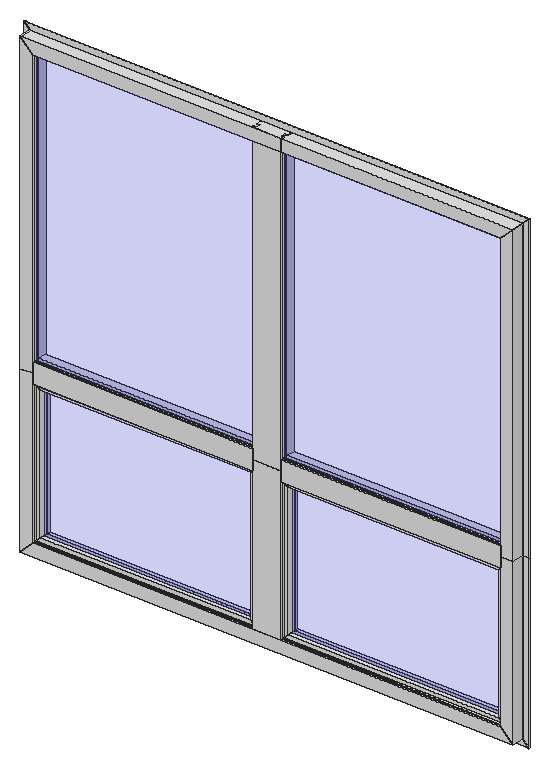
Revit family "511_2H_AWN-UT_stucco key", category Windows, host Wall, Revit 2016
Family settings
  Host = Wall
  OmniClass Number = 23.30.20.00
  OmniClass Title = Windows
  Always vertical = Yes
  Cut with Voids When Loaded = No
  Shared = No
  Room Calculation Point = No
Parameters (values of type "96x90")
  VBS = 1 / 2 * Width  # 48"
  MLWE = 3.219"
  MLWC = 3.563"
  MLW = 1 / 8 * VBS  # 6"
  MLCR = 1 / 2 * (Width - VBS)  # 24"
  MLCL = 1 / 2 * VBS  # 24"
  Interior Color [instance] = White
  Height = 90"
  HBS = 32"
  Exterior Color [instance] = White
  Default Sill Height = 31.49606"
  Wall Closure = By host
  Width = 96"
Reference planes (in)
  plane 1 "Center (Front/Back)": y = 0
  plane 2 "Center (Left/Right)": x = 0
  plane 3 "Left": x = -48
  plane 4 "Right": x = 48
  plane 5 "Sill": z = 31.49606
  plane 6 "Head": z = 121.49606
  plane 7 "Exterior": y = 3.93701
  plane 8 "Interior": y = -3.93701
  plane 9 "Front of wall": y = 3.93701
  plane 10 "VBS": x = 0
  plane 11 "HBS": z = 63.49606
  plane 12: z = 34.27606
  plane 13: z = 61.15306
  plane 14: z = 65.12006
  plane 15: z = 119.43506
  plane 16: x = -45.938
  plane 17: x = -2.44208
  plane 18: x = 2.436
  plane 19: x = 45.93292
  plane 20: x = 45.22
  plane 21: x = 3.1245
  plane 22: x = -3.1235
  plane 23: x = -45.22
  plane 24: z = 60.71501
  plane 25: z = 34.71506
Forms (in)
  Extrusion 1, solid, material "White" <- "Interior Color"
    sketch origin (0, 0, 63.49606) x (1, 0, 0) y (0, 1, 0)
      loop
        line (-45.625, 1.51202) -> (-45.625, 1.88702) -> (-45.437, 1.88702) -> (-45.437, 2.13752) -> (-45.938, 2.13752) -> (-45.938, 2.88202) -> (-45.43367, 2.88202) -> (-45.43367, 4.41639) -> (-47.34812, 4.41639) -> (-47.43183, 5.01201) -> (-48.20002, 5.01201) -> (-48.20002, 4.94701) -> (-48, 4.94701) -> (-48, 4.012) -> (-49.25002, 4.012) -> (-49.25002, 3.93701) -> (-48, 3.93701) -> (-48, 1.51202) -> (-45.625, 1.51202)
    from 0 to 59.25
  Extrusion 2, solid, material "White" <- "Interior Color"
    sketch origin (0, 0, 63.49606) x (1, 0, 0) y (0, 1, 0)
      loop
        line (-2.75, 1.51204) -> (2.75, 1.51204) -> (2.75, 1.88706) -> (2.938, 1.88706) -> (2.93605, 2.13144) -> (2.436, 2.13144) -> (2.436, 2.88004) -> (2.93935, 2.88004) -> (2.93935, 4.41501) -> (1.0271, 4.41501) -> (0.94319, 5.01206) -> (-0.94319, 5.01206) -> (-1.0271, 4.41501) -> (-2.94135, 4.41501) -> (-2.94135, 2.88004) -> (-2.44208, 2.88004) -> (-2.44208, 2.13144) -> (-2.938, 2.13144) -> (-2.938, 1.88705) -> (-2.75, 1.88705) -> (-2.75, 1.51204)
    from 0 to 58
  Extrusion 3, solid, material "White" <- "Interior Color"
    sketch origin (0, 0, 63.49606) x (1, 0, 0) y (0, 1, 0)
      loop
        line (45.625, 1.51206) -> (48, 1.51206) -> (48, 3.93701) -> (49.25, 3.93701) -> (49.25, 4.01206) -> (48, 4.01206) -> (48, 4.94706) -> (48.2, 4.94706) -> (48.2, 5.01206) -> (47.43181, 5.01206) -> (47.3481, 4.41644) -> (45.43365, 4.41644) -> (45.43365, 2.88004) -> (45.93292, 2.88004) -> (45.93292, 2.13144) -> (45.437, 2.13144) -> (45.437, 1.88706) -> (45.625, 1.88706) -> (45.625, 1.51206)
    from 0 to 59.25
  Extrusion 4, solid, material "White" <- "Interior Color"
    sketch origin (0, 0, 31.49606) x (0, -1, 0) y (1, 0, 0)
      loop
        line (-1.51084, -45.625) -> (-1.88584, -45.625) -> (-1.88584, -45.437) -> (-2.22084, -45.437) -> (-2.22084, -44.719) -> (-3.10344, -44.719) -> (-3.10344, -45.22) -> (-3.85204, -45.22) -> (-3.85204, -44.7562) -> (-3.89084, -44.781) -> (-4.63085, -44.781) -> (-4.63085, -45.344) -> (-4.67084, -45.344) -> (-4.67084, -47.38403) -> (-5.01084, -47.43181) -> (-5.01084, -48.2) -> (-4.94584, -48.2) -> (-4.94584, -48) -> (-4.01084, -48) -> (-4.01084, -49.25) -> (-3.93701, -49.25) -> (-3.93701, -48) -> (-1.51084, -48) -> (-1.51084, -45.625)
    from -1.25 to 32
  Extrusion 5, solid, material "White" <- "Interior Color"
    sketch origin (0, 0, 31.49606) x (0, -1, 0) y (1, 0, 0)
      loop
        line (-1.51084, -2.75) -> (-1.51084, 2.75) -> (-1.88504, 2.75) -> (-1.88504, 2.938) -> (-2.14084, 2.938) -> (-2.14084, 3.6245) -> (-3.10754, 3.6245) -> (-3.10754, 3.1245) -> (-3.85204, 3.1245) -> (-3.85204, 3.5868) -> (-3.89004, 3.5625) -> (-4.55085, 3.5625) -> (-4.55085, 3.02713) -> (-4.59084, 2.9995) -> (-4.59084, 1.00222) -> (-5.01084, 0.94319) -> (-5.01084, -0.94319) -> (-4.67004, -0.99108) -> (-4.67004, -3.0012) -> (-4.63005, -3.0012) -> (-4.63005, -3.5625) -> (-3.89084, -3.5625) -> (-3.85204, -3.5873) -> (-3.85204, -3.1235) -> (-3.10344, -3.1235) -> (-3.10344, -3.656) -> (-2.22084, -3.656) -> (-2.22084, -2.938) -> (-1.88584, -2.938) -> (-1.88584, -2.75) -> (-1.51084, -2.75)
    from 0 to 32
  Extrusion 6, solid, material "White" <- "Interior Color"
    sketch origin (0, 0, 31.49606) x (0, -1, 0) y (1, 0, 0)
      loop
        line (-1.51084, 45.625) -> (-1.51084, 48) -> (-3.93701, 48) -> (-3.93701, 49.25) -> (-4.01084, 49.25) -> (-4.01084, 48) -> (-4.94584, 48) -> (-4.94584, 48.2) -> (-5.01084, 48.2) -> (-5.01084, 47.43181) -> (-4.67084, 47.38403) -> (-4.67084, 45.344) -> (-4.63085, 45.344) -> (-4.63085, 44.781) -> (-3.89084, 44.781) -> (-3.85204, 44.7562) -> (-3.85204, 45.22) -> (-3.10344, 45.22) -> (-3.10344, 44.719) -> (-2.22084, 44.719) -> (-2.22084, 45.437) -> (-1.88584, 45.437) -> (-1.88584, 45.625) -> (-1.51084, 45.625)
    from -1.25 to 32
  Extrusion 7, solid, material "White" <- "Interior Color"
    sketch origin (0, 0, 0) x (0, 0, 1) y (0, 1, 0)
      loop
        line (33.87106, 1.51084) -> (33.87106, 1.88504) -> (34.05906, 1.88504) -> (34.05906, 2.22084) -> (34.77706, 2.22084) -> (34.77706, 3.10344) -> (34.27606, 3.10344) -> (34.27606, 3.85204) -> (34.73936, 3.85204) -> (34.71506, 3.89004) -> (34.71506, 4.63005) -> (34.15206, 4.63005) -> (34.15206, 4.67004) -> (32.11204, 4.67004) -> (32.06425, 5.01004) -> (31.29606, 5.01004) -> (31.29606, 4.94504) -> (31.49606, 4.94504) -> (31.49606, 4.01004) -> (30.24606, 4.01004) -> (30.24606, 3.93701) -> (31.49606, 3.93701) -> (31.49606, 1.51084) -> (33.87106, 1.51084)
    from -49.25 to 49.25
  Extrusion 8, solid, material "White" <- "Interior Color"
    sketch origin (0, 0, 0) x (0, 0, 1) y (0, 1, 0)
      loop
        line (122.74606, 3.93701) -> (122.74606, 4.01004) -> (121.49606, 4.01004) -> (121.49606, 4.94504) -> (121.69606, 4.94504) -> (121.69606, 5.01004) -> (120.92787, 5.01004) -> (120.84396, 4.41299) -> (118.93171, 4.41299) -> (118.93171, 2.88004) -> (119.43506, 2.88004) -> (119.43506, 2.13554) -> (118.93171, 2.13554) -> (118.93171, 1.88504) -> (119.12106, 1.88504) -> (119.12106, 1.51004) -> (121.49606, 1.51004) -> (121.49606, 3.93701) -> (122.74606, 3.93701)
    from -49.25 to 49.25002
  Extrusion 9, solid, material "White" <- "Interior Color"
    sketch origin (0, 0, 0) x (0, 0, 1) y (0, 1, 0)
      loop
        line (65.43306, 1.51004) -> (65.43306, 1.88504) -> (65.62106, 1.88504) -> (65.62106, 2.13144) -> (65.12006, 2.13144) -> (65.12006, 2.88004) -> (65.62428, 2.88004) -> (65.62428, 4.41434) -> (63.70997, 4.41434) -> (63.6375, 4.93004) -> (63.35463, 4.93004) -> (63.31809, 4.67004) -> (61.27806, 4.67004) -> (61.27806, 4.63002) -> (60.71501, 4.63002) -> (60.71501, 3.89001) -> (60.69074, 3.85204) -> (61.15306, 3.85204) -> (61.15306, 3.10754) -> (60.65306, 3.10754) -> (60.65306, 2.22084) -> (61.37106, 2.22084) -> (61.37106, 1.88584) -> (61.55906, 1.88584) -> (61.55906, 1.51004) -> (65.43306, 1.51004)
    from -48 to 48
  Sweep 10, void
    path in 3D
      loop
        line (46.53063, 7.55757, 121.49606) -> (46.53063, 3.93701, 121.49606)
    profile origin (46.53063, 5.74729, 121.49606) x (1, 0, 0) y (0, 0, 1)
      loop
        line (-2.46605, -2.56435) -> (0.81747, -2.56435) -> (0.81747, -0.6521) -> (2.93879, 1.46922) -> (-2.46605, 1.46922) -> (-2.46605, -2.56435)
  Sweep 11, void
    path in 3D
      loop
        line (46.53063, 7.55757, 121.49606) -> (46.53063, 3.93701, 121.49606)
    profile origin (46.53063, 5.74729, 121.49606) x (1, 0, 0) y (0, 0, 1)
      loop
        line (0.81747, -3.31435) -> (3.81747, -3.31435) -> (3.81747, 2.3479) -> (0.81747, -0.6521) -> (0.81747, -3.31435)
  Sweep 12, void
    path in 3D
      loop
        line (-47.03168, 9.56458, 121.49606) -> (-47.03168, 3.93701, 121.49606)
    profile origin (-47.03168, 6.7508, 121.49606) x (1, 0, 0) y (0, 0, 1)
      loop
        line (2.84801, -2.56435) -> (2.84801, 1.57941) -> (-2.54795, 1.57941) -> (-0.31644, -0.6521) -> (-0.31644, -2.56435) -> (2.84801, -2.56435)
  Sweep 13, void
    path in 3D
      loop
        line (-47.03168, 9.56458, 121.49606) -> (-47.03168, 3.93701, 121.49606)
    profile origin (-47.03168, 6.7508, 121.49606) x (1, 0, 0) y (0, 0, 1)
      loop
        line (-3.06644, 2.0979) -> (-3.06644, -3.06647) -> (-0.31644, -3.06647) -> (-0.31644, -0.6521) -> (-3.06644, 2.0979)
  Sweep 14, void
    path in 3D
      loop
        line (-44.66364, 7.16454, 31.49606) -> (-44.66364, 3.93701, 31.49606)
    profile origin (-44.66364, 5.55077, 31.49606) x (1, 0, 0) y (0, 0, 1)
      loop
        line (0.76792, 3.219) -> (-0.68036, 3.219) -> (-0.68036, 2.656) -> (-5.36006, -2.0237) -> (0.76792, -2.0237) -> (0.76792, 3.219)
  Sweep 15, void
    path in 3D
      loop
        line (-44.66364, 7.16454, 31.49606) -> (-44.66364, 3.93701, 31.49606)
    profile origin (-44.66364, 5.55077, 31.49606) x (1, 0, 0) y (0, 0, 1)
      loop
        line (-0.68036, 3.63186) -> (-5.16488, 3.63186) -> (-5.16488, -1.82852) -> (-0.68036, 2.656) -> (-0.68036, 3.63186)
  Sweep 16, void
    path in 3D
      loop
        line (47.34519, 7.36399, 31.49606) -> (47.34519, 3.93701, 31.49606)
    profile origin (47.34519, 5.6505, 31.49606) x (1, 0, 0) y (0, 0, 1)
      loop
        line (-3.08931, 3.219) -> (-3.08931, -2.031) -> (2.68581, -2.031) -> (-2.00119, 2.656) -> (-2.00119, 3.219) -> (-3.08931, 3.219)
  Sweep 17, void
    path in 3D
      loop
        line (47.34519, 7.36399, 31.49606) -> (47.34519, 3.93701, 31.49606)
    profile origin (47.34519, 5.6505, 31.49606) x (1, 0, 0) y (0, 0, 1)
      loop
        line (-2.00119, 4.031) -> (-2.00119, 2.656) -> (2.24145, -1.58664) -> (2.24145, 4.031) -> (-2.00119, 4.031)
  Sweep 18, void
    path in 3D
      loop
        line (46.84519, 7.36399, 63.49606) -> (46.84519, 3.93701, 63.49606)
    profile origin (46.84519, 5.6505, 63.49606) x (1, 0, 0) y (0, 0, 1)
      loop
        line (-3.05797, 2.12821) -> (-3.05797, -2.78105) -> (-1.50119, -2.78105) -> (-1.50119, -2.218) -> (0.58662, -0.13019) -> (0.58662, 0.14143) -> (0.50291, 0.14143) -> (0.50291, 2.12821) -> (-3.05797, 2.12821)
  Sweep 19, void
    path in 3D
      loop
        line (46.84519, 7.36399, 63.49606) -> (46.84519, 3.93701, 63.49606)
    profile origin (46.84519, 5.6505, 63.49606) x (1, 0, 0) y (0, 0, 1)
      loop
        line (-1.50119, -3.4204) -> (3.08662, -3.4204) -> (3.08662, 2.96053) -> (0.58662, 2.96053) -> (0.58662, -0.13019) -> (-1.50119, -2.218) -> (-1.50119, -3.4204)
  Sweep 20, void
    path in 3D
      loop
        line (0.38213, 6.9768, 31.49606) -> (0.38213, 3.93701, 31.49606)
    profile origin (0.38213, 5.4569, 31.49606) x (1, 0, 0) y (0, 0, 1)
      loop
        line (4.99237, 3.219) -> (2.645, 3.219) -> (2.645, 2.656) -> (0.56106, 0.57206) -> (-1.32532, 0.57206) -> (-3.38333, 2.63007) -> (-3.38333, 3.219) -> (-4.86942, 3.219) -> (-4.86942, -2.031) -> (4.99237, -2.031) -> (4.99237, 3.219)
  Sweep 21, void
    path in 3D
      loop
        line (0.38213, 6.9768, 31.49606) -> (0.38213, 3.93701, 31.49606)
    profile origin (0.38213, 5.4569, 31.49606) x (1, 0, 0) y (0, 0, 1)
      loop
        line (2.61737, 3.87959) -> (-3.38333, 3.87959) -> (-3.38333, 2.63007) -> (-1.32145, 0.56819) -> (0.55719, 0.56819) -> (2.61737, 2.62837) -> (2.61737, 3.87959)
  Sweep 22, void
    path in 3D
      loop
        line (-0.75513, 7.21877, 63.49606) -> (-0.75513, 3.93701, 63.49606)
    profile origin (-0.75513, 5.57789, 63.49606) x (1, 0, 0) y (0, 0, 1)
      loop
        line (-5.18622, 2.12821) -> (-5.18622, -2.78105) -> (-2.24607, -2.78105) -> (-2.24607, -2.218) -> (-0.18806, -0.15998) -> (-0.18806, 0.0619) -> (-0.27197, 0.14581) -> (-0.27197, 2.12821) -> (-5.18622, 2.12821)
  Sweep 23, void
    path in 3D
      loop
        line (-0.75513, 7.21877, 63.49606) -> (-0.75513, 3.93701, 63.49606)
    profile origin (-0.75513, 5.57789, 63.49606) x (1, 0, 0) y (0, 0, 1)
      loop
        line (3.75463, -4.718) -> (3.75463, -2.218) -> (1.69832, -0.16169) -> (-0.18976, -0.16169) -> (-2.24607, -2.218) -> (-2.24607, -4.718) -> (3.75463, -4.718)
  Sweep 24, void
    path in 3D
      loop
        line (-0.75513, 7.21877, 63.49606) -> (-0.75513, 3.93701, 63.49606)
    profile origin (-0.75513, 5.57789, 63.49606) x (1, 0, 0) y (0, 0, 1)
      loop
        line (5.25463, 2.12821) -> (1.78223, 2.12821) -> (1.78223, 0.14143) -> (1.69832, 0.14143) -> (1.69832, -0.16169) -> (3.75463, -2.218) -> (3.75463, -2.78105) -> (5.25463, -2.78105) -> (5.25463, 2.12821)
  Sweep 25, void
    path in 3D
      loop
        line (-46.39167, 8.63657, 63.49606) -> (-46.39167, 3.93701, 63.49606)
    profile origin (-46.39167, 6.28679, 63.49606) x (1, 0, 0) y (0, 0, 1)
      loop
        line (2.27791, -2.78105) -> (2.27791, 2.12821) -> (-0.95645, 2.12821) -> (-0.95645, 0.22409) -> (-1.04014, 0.1404) -> (-1.04014, -0.13019) -> (1.04767, -2.218) -> (1.04767, -2.78105) -> (2.27791, -2.78105)
  Sweep 26, void
    path in 3D
      loop
        line (-46.39167, 8.63657, 63.49606) -> (-46.39167, 3.93701, 63.49606)
    profile origin (-46.39167, 6.28679, 63.49606) x (1, 0, 0) y (0, 0, 1)
      loop
        line (1.04767, -4.343) -> (1.04767, -2.218) -> (-0.99236, -0.17797) -> (-0.99236, -4.343) -> (1.04767, -4.343)
  Sweep 27, void
    path in 3D
      loop
        line (-1.14228, 7.60592, 121.49606) -> (-1.14228, 3.93701, 121.49606)
    profile origin (-1.14228, 5.77147, 121.49606) x (1, 0, 0) y (0, 0, 1)
      loop
        line (-4.79907, -2.56435) -> (0.11518, -2.56435) -> (0.11518, -0.6521) -> (0.19909, -0.56819) -> (2.08547, -0.56819) -> (2.16938, -0.6521) -> (2.16938, -2.56435) -> (6.99169, -2.56435) -> (6.99169, 1.84322) -> (-4.79907, 1.84322) -> (-4.79907, -2.56435)
  Extrusion 28, void
    sketch origin (0, 3.93701, 0) x (1, 0, 0) y (0, 0, 1)
      loop
        line (-51.49016, 124.986) -> (-51.49016, 117.60675) -> (-45.625, 117.60675) -> (-45.625, 119.12084) -> (-51.49016, 124.986)
    from 0 to 12
  Extrusion 29, void
    sketch origin (0, 3.93701, 0) x (1, 0, 0) y (0, 0, 1)
      loop
        line (-50.50022, 123.99606) -> (-45.625, 119.12084) -> (-45.625, 118.93171) -> (-44.81802, 118.93171) -> (-44.81802, 123.99606) -> (-50.50022, 123.99606)
    from 0 to 12
  Extrusion 30, void
    sketch origin (0, 3.93701, 0) x (1, 0, 0) y (0, 0, 1)
      loop
        line (50.2502, 123.74606) -> (44.64124, 123.74606) -> (44.64124, 118.93171) -> (45.625, 118.93171) -> (45.625, 119.12086) -> (50.2502, 123.74606)
    from 0 to 12
  Extrusion 31, void
    sketch origin (0, 3.93701, 0) x (1, 0, 0) y (0, 0, 1)
      loop
        line (53.00984, 126.5057) -> (45.625, 119.12086) -> (45.625, 118.93171) -> (45.132, 118.93171) -> (45.132, 118.31388) -> (53.00984, 118.31388) -> (53.00984, 126.5057)
    from 0 to 12
  Extrusion 32, void
    sketch origin (0, 3.93701, 0) x (1, 0, 0) y (0, 0, 1)
      loop
        line (45.625, 33.87106) -> (45.625, 34.05906) -> (45.437, 34.05906) -> (44.16382, 35.33224) -> (44.16382, 29.92185) -> (49.57422, 29.92185) -> (45.625, 33.87106)
    from 0 to 12
  Extrusion 33, void
    sketch origin (0, 3.93701, 0) x (1, 0, 0) y (0, 0, 1)
      loop
        line (50.25984, 29.23622) -> (50.25984, 35.91548) -> (43.58058, 35.91548) -> (45.437, 34.05906) -> (45.625, 34.05906) -> (45.625, 33.87106) -> (50.25984, 29.23622)
    from 0 to 12
  Extrusion 34, void
    sketch origin (0, 3.93701, 0) x (1, 0, 0) y (0, 0, 1)
      loop
        line (-51.18414, 28.31193) -> (-43.93414, 28.31193) -> (-43.93414, 35.56193) -> (-45.437, 34.05906) -> (-45.625, 34.05906) -> (-45.625, 33.87106) -> (-51.18414, 28.31193)
    from 0 to 12
  Extrusion 35, void
    sketch origin (0, 3.93701, 0) x (1, 0, 0) y (0, 0, 1)
      loop
        line (-50.40381, 29.09226) -> (-45.625, 33.87106) -> (-45.625, 34.05906) -> (-45.437, 34.05906) -> (-43.40381, 36.09226) -> (-50.40381, 36.09226) -> (-50.40381, 29.09226)
    from 0 to 12
  Extrusion 36, void
    sketch origin (0, 3.93701, 0) x (1, 0, 0) y (0, 0, 1)
      loop
        line (-43.82179, 65.62428) -> (-45.625, 65.62428) -> (-45.625, 61.37106) -> (-45.437, 61.37106) -> (-43.82179, 59.75585) -> (-43.82179, 65.62428)
    from 0 to 3.16897
  Extrusion 37, void
    sketch origin (0, 3.93701, 0) x (1, 0, 0) y (0, 0, 1)
      loop
        line (-44.21206, 60.14612) -> (-45.437, 61.37106) -> (-45.625, 61.37106) -> (-45.625, 66.39612) -> (-50.10288, 66.39612) -> (-50.10288, 60.14612) -> (-44.21206, 60.14612)
    from 0 to 12
  Extrusion 38, void
    sketch origin (0, 3.93701, 0) x (1, 0, 0) y (0, 0, 1)
      loop
        line (45.437, 61.37106) -> (45.625, 61.37106) -> (45.625, 65.62428) -> (42.79657, 65.62428) -> (42.79657, 58.73064) -> (45.437, 61.37106)
    from 0 to 12
  Extrusion 39, void
    sketch origin (0, 3.93701, 0) x (1, 0, 0) y (0, 0, 1)
      loop
        line (44.125, 60.05906) -> (50.875, 60.05906) -> (50.875, 66.05906) -> (45.625, 66.05906) -> (45.625, 61.37106) -> (45.437, 61.37106) -> (44.125, 60.05906)
    from 0 to 12
  Extrusion 40, void
    sketch origin (0, 3.93701, 0) x (1, 0, 0) y (0, 0, 1)
      loop
        line (-2.75, 33.87106) -> (2.75, 33.87106) -> (2.75, 34.05906) -> (2.938, 34.05906) -> (2.938, 34.09056) -> (3.6245, 34.77706) -> (3.6245, 35.52706) -> (-4.46253, 35.52706) -> (-2.938, 34.10541) -> (-2.938, 34.05906) -> (-2.75, 34.05906) -> (-2.75, 33.87106)
    from 0 to 12
  Extrusion 41, void
    sketch origin (0, 3.93701, 0) x (1, 0, 0) y (0, 0, 1)
      loop
        line (-2.75, 65.43306) -> (-2.75, 61.55906) -> (-2.75, 61.37106) -> (-2.938, 61.37106) -> (-3.656, 60.65306) -> (-3.656, 60.18489) -> (4.12418, 60.18489) -> (2.938, 61.37106) -> (2.75, 61.37106) -> (2.75, 65.43306) -> (-2.75, 65.43306)
    from 0 to 12
  Extrusion 42, void
    sketch origin (0, 3.93701, 0) x (1, 0, 0) y (0, 0, 1)
      loop
        line (4.07575, 60.23331) -> (4.07575, 65.62428) -> (2.75, 65.62428) -> (2.75, 61.37106) -> (2.938, 61.37106) -> (4.07575, 60.23331)
    from 0 to 12
  Extrusion 43, solid, material "Glass"
    sketch origin (0, 0, 0) x (0, 0, 1) y (0, 1, 0)
      loop
        line (65.12006, 2.88004) -> (65.12006, 2.13144) -> (119.43506, 2.13144) -> (119.43506, 2.88004) -> (65.12006, 2.88004)
    from -2.436 to -45.93292
  Extrusion 44, solid, material "Glass"
    sketch origin (0, 0, 0) x (0, 0, 1) y (0, 1, 0)
      loop
        line (61.15306, 3.10754) -> (61.15306, 3.85204) -> (34.27606, 3.85204) -> (34.27606, 3.10754) -> (61.15306, 3.10754)
    from -45.22 to -3.1245
  Extrusion 45, solid, material "Glass"
    sketch origin (0, 0, 0) x (0, 0, 1) y (0, 1, 0)
      loop
        line (61.15306, 3.85204) -> (34.27606, 3.85204) -> (34.27606, 3.10754) -> (61.15306, 3.10754) -> (61.15306, 3.85204)
    from 3.1235 to 45.22
  Extrusion 46, solid, material "Glass"
    sketch origin (0, 0, 0) x (0, 0, 1) y (0, 1, 0)
      loop
        line (65.12006, 2.88004) -> (65.12006, 2.13144) -> (119.43506, 2.13144) -> (119.43506, 2.88004) -> (65.12006, 2.88004)
    from 2.44208 to 45.938
  Extrusion 47, void
    sketch origin (0, 3.93701, 0) x (1, 0, 0) y (0, 0, 1)
      loop
        line (-4.75, 59.55906) -> (-2.938, 61.37106) -> (-2.75, 61.37106) -> (-2.75, 62.47225) -> (-4.75, 62.47225) -> (-4.75, 59.55906)
    from 0 to 12
  Extrusion 48, void
    sketch origin (0, 3.93701, 0) x (1, 0, 0) y (0, 0, 1)
      loop
        line (-2.938, 34.05906) -> (-2.938, 34.10541) -> (-4.25, 35.32887) -> (-4.25, 33.87106) -> (-2.75, 33.87106) -> (-2.75, 34.05906) -> (-2.938, 34.05906)
    from 0 to 12
  Extrusion 49, void
    sketch origin (0, 3.93701, 0) x (1, 0, 0) y (0, 0, 1)
      loop
        line (4.06922, 35.22178) -> (2.938, 34.09056) -> (2.938, 34.05906) -> (2.75, 34.05906) -> (2.75, 33.87106) -> (4.06922, 33.87106) -> (4.06922, 35.22178)
    from 0 to 12
  Extrusion 50, void
    sketch origin (0, 3.93701, 0) x (1, 0, 0) y (0, 0, 1)
      loop
        line (-3.74596, 33.87106) -> (-3.74596, 30.12106) -> (4.50404, 30.12106) -> (4.50404, 33.87106) -> (-3.74596, 33.87106)
    from 0 to 12
Cuts and joins
  Sweep 10, Sweep 18, Extrusion 30, Extrusion 38 cuts Extrusion 3
  Sweep 11, Sweep 13, Extrusion 28, Extrusion 31 cuts Extrusion 8
  Sweep 12, Sweep 25, Extrusion 29, Extrusion 36 cuts Extrusion 1
  Sweep 14, Sweep 25, Extrusion 34, Extrusion 36 cuts Extrusion 4
  Sweep 15, Sweep 17, Sweep 21, Extrusion 33, Extrusion 35, Extrusion 40 cuts Extrusion 7
  Sweep 16, Sweep 18, Extrusion 32, Extrusion 38 cuts Extrusion 6
  Sweep 19, Sweep 23, Sweep 26, Extrusion 37, Extrusion 39, Extrusion 41 cuts Extrusion 9
  Sweep 20, Sweep 22, Sweep 24, Extrusion 42, Extrusion 47, Extrusion 48, Extrusion 49, Extrusion 50 cuts Extrusion 5
  Sweep 22, Sweep 24, Sweep 27, Extrusion 42 cuts Extrusion 2
Lines and regions (in)
  Opening 1
    outline origin (137.79528, -3.93701, 0) x (1, 0, 0) y (0, 0, 1)
      loop
        line (-89.79528, 31.49606) -> (-89.79528, 121.49606) -> (-185.79528, 121.49606) -> (-185.79528, 31.49606) -> (-89.79528, 31.49606)
  reference lines
    curve 1: line (-47.03168, 9.56458, 121.49606) -> (-47.03168, 3.93701, 121.49606)
    curve 2: line (-46.39167, 8.63657, 63.49606) -> (-46.39167, 3.93701, 63.49606)
    curve 3: line (-44.66364, 7.16454, 31.49606) -> (-44.66364, 3.93701, 31.49606)
    curve 4: line (-1.14228, 7.60592, 121.49606) -> (-1.14228, 3.93701, 121.49606)
    curve 5: line (-0.75513, 7.21877, 63.49606) -> (-0.75513, 3.93701, 63.49606)
    curve 6: line (0.38213, 6.9768, 31.49606) -> (0.38213, 3.93701, 31.49606)
    curve 7: line (46.53063, 7.55757, 121.49606) -> (46.53063, 3.93701, 121.49606)
    curve 8: line (46.84519, 7.36399, 63.49606) -> (46.84519, 3.93701, 63.49606)
    curve 9: line (47.34519, 7.36399, 31.49606) -> (47.34519, 3.93701, 31.49606)
    curve 28: line (44.781, 3.93701, 34.71506) -> (24, 3.93701, 60.71501)
    curve 29: line (24, 3.93701, 60.71501) -> (3.563, 3.93701, 34.71506)
    curve 30: line (-3.563, 3.93701, 34.71506) -> (-24, 3.93701, 60.71501)
    curve 31: line (-24, 3.93701, 60.71501) -> (-44.781, 3.93701, 34.71506)
    curve 36: line (26.5, 3.93701, 94.99606) -> (21.5, 3.93701, 94.99606)
    curve 37: line (26.5, 3.93701, 89.99606) -> (26.5, 3.93701, 94.99606)
    curve 38: line (21.5, 3.93701, 89.99606) -> (26.5, 3.93701, 89.99606)
    curve 39: line (21.5, 3.93701, 94.99606) -> (21.5, 3.93701, 89.99606)
    curve 43: line (24, 3.93701, 89.99606) -> (24, 3.93701, 96.49606)
    curve 44: line (26.5, 3.93701, 92.49606) -> (19, 3.93701, 92.49606)
    curve 45: line (-21.5, 3.93701, 94.99606) -> (-26.5, 3.93701, 94.99606)
    curve 46: line (-21.5, 3.93701, 89.99606) -> (-21.5, 3.93701, 94.99606)
    curve 47: line (-26.5, 3.93701, 89.99606) -> (-21.5, 3.93701, 89.99606)
    curve 48: line (-26.5, 3.93701, 94.99606) -> (-26.5, 3.93701, 89.99606)
    curve 52: line (-24, 3.93701, 89.99606) -> (-24, 3.93701, 96.49606)
    curve 53: line (-21.5, 3.93701, 92.49606) -> (-29, 3.93701, 92.49606)
    curve 58: line (-21.5, 0, 94.99606) -> (-26.5, 0, 94.99606)
    curve 59: line (-21.5, 0, 89.99606) -> (-21.5, 0, 94.99606)
    curve 60: line (-26.5, 0, 89.99606) -> (-21.5, 0, 89.99606)
    curve 61: line (-26.5, 0, 94.99606) -> (-26.5, 0, 89.99606)
    curve 62: line (-24, 0, 89.99606) -> (-24, 0, 97.49606)
    curve 63: line (-21.5, 0, 92.49606) -> (-28.5, 0, 92.49606)
    curve 67: line (26.5, 0, 94.99606) -> (21.5, 0, 94.99606)
    curve 68: line (26.5, 0, 89.99606) -> (26.5, 0, 94.99606)
    curve 69: line (21.5, 0, 89.99606) -> (26.5, 0, 89.99606)
    curve 70: line (21.5, 0, 94.99606) -> (21.5, 0, 89.99606)
    curve 71: line (24, 0, 89.99606) -> (24, 0, 97.49606)
    curve 72: line (26.5, 0, 92.49606) -> (19.5, 0, 92.49606)
  sketch lines
    curve 10: line (46.53063, 7.55757, 121.49606) -> (46.53063, 3.93701, 121.49606)
    curve 11: line (46.53063, 7.55757, 121.49606) -> (46.53063, 3.93701, 121.49606)
    curve 12: line (-47.03168, 9.56458, 121.49606) -> (-47.03168, 3.93701, 121.49606)
    curve 13: line (-47.03168, 9.56458, 121.49606) -> (-47.03168, 3.93701, 121.49606)
    curve 14: line (-44.66364, 7.16454, 31.49606) -> (-44.66364, 3.93701, 31.49606)
    curve 15: line (-44.66364, 7.16454, 31.49606) -> (-44.66364, 3.93701, 31.49606)
    curve 16: line (47.34519, 7.36399, 31.49606) -> (47.34519, 3.93701, 31.49606)
    curve 17: line (47.34519, 7.36399, 31.49606) -> (47.34519, 3.93701, 31.49606)
    curve 18: line (46.84519, 7.36399, 63.49606) -> (46.84519, 3.93701, 63.49606)
    curve 19: line (46.84519, 7.36399, 63.49606) -> (46.84519, 3.93701, 63.49606)
    curve 20: line (0.38213, 6.9768, 31.49606) -> (0.38213, 3.93701, 31.49606)
    curve 21: line (0.38213, 6.9768, 31.49606) -> (0.38213, 3.93701, 31.49606)
    curve 22: line (-0.75513, 7.21877, 63.49606) -> (-0.75513, 3.93701, 63.49606)
    curve 23: line (-0.75513, 7.21877, 63.49606) -> (-0.75513, 3.93701, 63.49606)
    curve 24: line (-0.75513, 7.21877, 63.49606) -> (-0.75513, 3.93701, 63.49606)
    curve 25: line (-46.39167, 8.63657, 63.49606) -> (-46.39167, 3.93701, 63.49606)
    curve 26: line (-46.39167, 8.63657, 63.49606) -> (-46.39167, 3.93701, 63.49606)
    curve 27: line (-1.14228, 7.60592, 121.49606) -> (-1.14228, 3.93701, 121.49606)
  model lines
    curve 32: line (44.781, 3.93701, 34.71506) -> (24, 3.93701, 60.71501)
    curve 33: line (24, 3.93701, 60.71501) -> (3.55797, 3.93701, 34.70866)
    curve 34: line (-3.57739, 3.93701, 34.73336) -> (-24, 3.93701, 60.71501)
    curve 35: line (-24, 3.93701, 60.71501) -> (-44.781, 3.93701, 34.71506)
    curve 40: line (26.5, 3.93701, 94.99606) -> (21.5, 3.93701, 89.99606)
    curve 41: line (21.5, 3.93701, 92.49606) -> (24, 3.93701, 94.99606)
    curve 42: line (24, 3.93701, 89.99606) -> (26.5, 3.93701, 92.49606)
    curve 49: line (-21.5, 3.93701, 94.99606) -> (-26.5, 3.93701, 89.99606)
    curve 50: line (-26.5, 3.93701, 92.49606) -> (-24, 3.93701, 94.99606)
    curve 51: line (-24, 3.93701, 89.99606) -> (-21.5, 3.93701, 92.49606)
  symbolic lines
    curve 54: line (-24, 3.93701, 60.71501) -> (-44.73145, 3.93701, 34.77706)
    curve 55: line (-24, 3.93701, 60.71501) -> (-3.57739, 3.93701, 34.73336)
    curve 56: line (24, 3.93701, 60.71501) -> (3.63667, 3.93701, 34.80879)
    curve 57: line (24, 3.93701, 60.71501) -> (44.781, 3.93701, 34.71506)
    curve 64: line (-24, 0, 89.99606) -> (-21.5, 0, 92.49606)
    curve 65: line (-24, 0, 94.99606) -> (-26.5, 0, 92.49606)
    curve 66: line (-26.5, 0, 89.99606) -> (-21.5, 0, 94.99606)
    curve 73: line (24, 0, 89.99606) -> (26.5, 0, 92.49606)
    curve 74: line (24, 0, 94.99606) -> (21.5, 0, 92.49606)
    curve 75: line (21.5, 0, 89.99606) -> (26.5, 0, 94.99606)
Text (in)
  text "EXTERIOR" at (-77.29147, 52.45485, 0), in view "Ref. Level"
  text "INTERIOR" at (-78.01048, -32.21994, 0), in view "Ref. Level"
  text "Exterior" at (0, 36.36817, 115.8778), in view "Right"
  text "Exterior" at (0, 40.96394, 105.72475), in view "Left"
Dimensions and locks (in)
  equal spacing: plane 3 "Left", plane 2 "Center (Left/Right)", plane 4 "Right"
  "Width": plane 3 "Left" to plane 4 "Right"
  "Height": plane 5 "Sill" to plane 6 "Head"
  "Default Sill Height": plane 5 "Sill" to level
  locked: plane 7 "Exterior" to host wall at 0
  locked: plane 8 "Interior" to host wall
  "VBS": plane 10 "VBS" to plane 4 "Right"
  "HBS": plane 5 "Sill" to plane 11 "HBS"
  locked: Extrusion 1 sketch curve to plane 3 "Left" at 1.25002
  locked: Extrusion 1 sketch curve to plane 9 "Front of wall" at 2.42498
  locked: Extrusion 1 sketch curve to Extrusion 1 sketch curve at 2.375
  locked: plane 10 "VBS" to Extrusion 2 sketch curve at 0.94319
  locked: Extrusion 2 sketch curve to plane 10 "VBS" at 0.94319
  locked: Extrusion 2 sketch curve to plane 10 "VBS" at 1.0271
  locked: plane 10 "VBS" to Extrusion 2 sketch curve at 1.0271
  locked: plane 10 "VBS" to Extrusion 2 sketch curve at 2.75
  locked: Extrusion 2 sketch curve to plane 10 "VBS" at 2.75
  locked: Extrusion 2 sketch curve to plane 9 "Front of wall" at 2.42496
  locked: plane 4 "Right" to Extrusion 3 sketch curve at 1.25
  locked: Extrusion 3 sketch curve to plane 9 "Front of wall" at 2.42494
  locked: Extrusion 3 sketch curve to Extrusion 3 sketch curve at 2.375
  locked: Extrusion 4 sketch curve to plane 3 "Left" at 1.25
  locked: Extrusion 4 sketch curve to plane 9 "Front of wall" at 2.42617
  locked: Extrusion 4 sketch curve to Extrusion 4 sketch curve at 2.375
  locked: plane 10 "VBS" to Extrusion 5 sketch curve at 0.94319
  locked: Extrusion 5 sketch curve to plane 10 "VBS" at 0.94319
  locked: Extrusion 5 sketch curve to plane 10 "VBS" at 0.99108
  locked: plane 10 "VBS" to Extrusion 5 sketch curve at 1.00222
  locked: Extrusion 5 sketch curve to plane 10 "VBS" at 2.75
  locked: plane 10 "VBS" to Extrusion 5 sketch curve at 2.75
  locked: plane 4 "Right" to Extrusion 6 sketch curve at 1.25
  locked: Extrusion 6 sketch curve to plane 9 "Front of wall" at 2.42617
  locked: Extrusion 6 sketch curve to Extrusion 6 sketch curve at 2.375
  locked: Extrusion 7 sketch curve to plane 5 "Sill" at 1.25
  locked: plane 9 "Front of wall" to Extrusion 8 sketch curve at 2.42696
  locked: Extrusion 8 sketch curve to Extrusion 8 sketch curve at 2.375
  locked: plane 6 "Head" to Extrusion 8 sketch curve at 1.25
  locked: Extrusion 9 sketch curve to plane 11 "HBS" at 0.21391
  locked: plane 11 "HBS" to Extrusion 9 sketch curve at 0.17797
  locked: Extrusion 9 sketch curve to plane 11 "HBS" at 1.937
  locked: plane 11 "HBS" to Extrusion 9 sketch curve at 1.937
  locked: plane 9 "Front of wall" to Extrusion 9 sketch curve at 2.42696
  locked: plane 15 to plane 6 "Head" at 2.061
  locked: plane 11 "HBS" to plane 14 at 1.624
  locked: plane 11 "HBS" to plane 13 at 2.343
  locked: plane 5 "Sill" to plane 12 at 2.78
  locked: plane 19 to plane 4 "Right" at 2.06708
  locked: plane 10 "VBS" to plane 18 at 2.436
  locked: plane 17 to plane 10 "VBS" at 2.44208
  locked: plane 3 "Left" to plane 16 at 2.062
  locked: plane 3 "Left" to plane 23 at 2.78
  locked: plane 22 to plane 10 "VBS" at 3.1235
  locked: plane 10 "VBS" to plane 21 at 3.1245
  locked: plane 20 to plane 4 "Right" at 2.78
  locked: Extrusion 2 sketch curve to plane 9 "Front of wall" at 2.04994
  locked: plane 5 "Sill" to plane 25 at 3.219
  locked: plane 24 to plane 11 "HBS" at 2.78105
  "MLCR": plane 3 "Left" to curve 30
  "MLCR": curve 31 to plane 10 "VBS"
  "MLCL": plane 10 "VBS" to curve 28
  "MLCL": curve 29 to plane 4 "Right"
  "MLWE": curve 28 to plane 4 "Right"
  "MLWC": plane 10 "VBS" to curve 29
  "MLWC": curve 30 to plane 10 "VBS"
  "MLWE": plane 3 "Left" to curve 31
  locked: Extrusion 5 sketch curve to plane 10 "VBS" at 3.656
  locked: plane 10 "VBS" to Extrusion 5 sketch curve at 3.6245
  locked: Extrusion 5 sketch curve to plane 10 "VBS" at 3.0012
  locked: Extrusion 5 sketch curve to plane 10 "VBS" at 2.938
  equal spacing: curve 41, curve 40, curve 42
  locked: curve 37 to curve 39 at 5
  locked: curve 38 to curve 36 at 5
  equal spacing: curve 39, curve 43, curve 37
  equal spacing: curve 38, curve 44, curve 36
  equal spacing: curve 50, curve 49, curve 51
  locked: curve 46 to curve 48 at 5
  locked: curve 47 to curve 45 at 5
  equal spacing: curve 48, curve 52, curve 46
  equal spacing: curve 47, curve 53, curve 45
  equal spacing: plane 11 "HBS", curve 44, plane 6 "Head"
  equal spacing: plane 11 "HBS", curve 53, plane 6 "Head"
  equal spacing: plane 3 "Left", curve 52, plane 10 "VBS"
  equal spacing: plane 10 "VBS", curve 43, plane 4 "Right"
  locked: curve 59 to curve 61 at 5
  locked: curve 60 to curve 58 at 5
  equal spacing: curve 61, curve 62, curve 59
  equal spacing: curve 60, curve 63, curve 58
  locked: curve 61 to curve 65 at 2.5
  locked: curve 61 to curve 64 at 2.5
  locked: curve 64 to curve 60 at 2.5
  locked: curve 65 to curve 60 at 2.5
  locked: curve 59 to curve 66 at 5
  locked: curve 68 to curve 70 at 5
  locked: curve 69 to curve 67 at 5
  equal spacing: curve 70, curve 71, curve 68
  equal spacing: curve 69, curve 72, curve 67
  locked: curve 70 to curve 74 at 2.5
  locked: curve 70 to curve 73 at 2.5
  locked: curve 73 to curve 69 at 2.5
  locked: curve 74 to curve 69 at 2.5
  locked: curve 68 to curve 75 at 5
  equal spacing: plane 6 "Head", curve 63, plane 11 "HBS"
  equal spacing: plane 6 "Head", curve 72, plane 11 "HBS"
  equal spacing: plane 10 "VBS", curve 71, plane 4 "Right"
  equal spacing: plane 3 "Left", curve 62, plane 10 "VBS"
  aligned and locked: plane 9 "Front of wall" to host wall
  aligned and locked: Extrusion 1 sketch curve to plane 3 "Left"  (x2)
  aligned and locked: Extrusion 1 sketch curve to plane 9 "Front of wall"
  aligned and locked: Extrusion 3 sketch curve to plane 4 "Right"  (x2)
  aligned and locked: plane 9 "Front of wall" to Extrusion 3 sketch curve
  aligned and locked: Extrusion 4 sketch curve to plane 9 "Front of wall"
  aligned and locked: Extrusion 4 sketch curve to plane 3 "Left"  (x2)
  aligned and locked: plane 9 "Front of wall" to Extrusion 6 sketch curve
  aligned and locked: Extrusion 6 sketch curve to plane 4 "Right"  (x2)
  aligned and locked: Extrusion 7 sketch curve to plane 5 "Sill"  (x2)
  aligned and locked: Extrusion 7 sketch curve to plane 9 "Front of wall"
  aligned and locked: Extrusion 8 sketch curve to plane 6 "Head"  (x2)
  aligned and locked: plane 12 to Extrusion 7 sketch curve
  aligned and locked: Extrusion 9 sketch curve to plane 13
  aligned and locked: plane 14 to Extrusion 9 sketch curve
  aligned and locked: plane 15 to Extrusion 8 sketch curve
  aligned and locked: plane 16 to Extrusion 1 sketch curve
  aligned and locked: plane 17 to Extrusion 2 sketch curve
  aligned and locked: Extrusion 2 sketch curve to plane 18
  aligned and locked: plane 19 to Extrusion 3 sketch curve
  aligned and locked: plane 20 to Extrusion 6 sketch curve
  aligned and locked: Extrusion 5 sketch curve to plane 21
  aligned and locked: plane 22 to Extrusion 5 sketch curve
  aligned and locked: plane 23 to Extrusion 4 sketch curve
  aligned and locked: Extrusion 2 to plane 11 "HBS"
  aligned and locked: plane 11 "HBS" to Extrusion 5
  aligned and locked: Extrusion 9 to plane 4 "Right"
  aligned and locked: plane 3 "Left" to Extrusion 9
  aligned and locked: Extrusion 4 to Extrusion 7
  aligned and locked: Extrusion 6 to Extrusion 7  (x2)
  aligned and locked: Extrusion 8 to Extrusion 3  (x2)
  aligned and locked: Extrusion 1 to Extrusion 8  (x2)
  aligned and locked: Extrusion 1 to plane 11 "HBS"
  aligned and locked: Extrusion 3 to plane 11 "HBS"
  aligned and locked: plane 11 "HBS" to Extrusion 6
  aligned and locked: Extrusion 4 to plane 11 "HBS"
  aligned and locked: Extrusion 2 to plane 6 "Head"
  aligned and locked: plane 5 "Sill" to Extrusion 5
  aligned and locked: plane 9 "Front of wall" to curve 9
  aligned and locked: plane 9 "Front of wall" to curve 8
  aligned and locked: plane 9 "Front of wall" to curve 7
  aligned and locked: plane 9 "Front of wall" to curve 6
  aligned and locked: plane 9 "Front of wall" to curve 5
  aligned and locked: plane 9 "Front of wall" to curve 4
  aligned and locked: plane 9 "Front of wall" to curve 3
  aligned and locked: plane 9 "Front of wall" to curve 2
  aligned and locked: plane 9 "Front of wall" to curve 1
  aligned and locked: plane 14 to Extrusion 43 sketch curve
  aligned and locked: Extrusion 43 sketch curve to plane 15
  aligned and locked: Extrusion 44 sketch curve to plane 13
  aligned and locked: plane 12 to Extrusion 44 sketch curve
  aligned and locked: Extrusion 45 sketch curve to plane 12
  aligned and locked: plane 13 to Extrusion 45 sketch curve
  aligned and locked: plane 14 to Extrusion 46 sketch curve
  aligned and locked: Extrusion 46 sketch curve to plane 15
  aligned and locked: plane 18 to Extrusion 43
  aligned and locked: Extrusion 43 to plane 19
  aligned and locked: Extrusion 46 to plane 17
  aligned and locked: plane 16 to Extrusion 46
  aligned and locked: plane 23 to Extrusion 45
  aligned and locked: Extrusion 45 to plane 22
  aligned and locked: plane 21 to Extrusion 44
  aligned and locked: Extrusion 44 to plane 20
  aligned and locked: plane 24 to curve 31
  aligned and locked: plane 24 to curve 30
  aligned and locked: plane 24 to curve 29
  aligned and locked: plane 24 to curve 28
  aligned and locked: plane 25 to curve 30
  aligned and locked: plane 25 to curve 29
  aligned and locked: plane 25 to curve 28
  aligned and locked: plane 25 to curve 31
  aligned and locked: curve 31 to curve 35
  aligned and locked: curve 30 to curve 34
  aligned and locked: curve 29 to curve 33
  aligned and locked: curve 28 to curve 32
  aligned and locked: curve 36 to curve 39
  aligned and locked: curve 39 to curve 39
  aligned and locked: curve 37 to curve 37
  aligned and locked: curve 39 to curve 40
  aligned and locked: curve 40 to curve 36
  aligned and locked: curve 36 to curve 41
  aligned and locked: curve 39 to curve 41
  aligned and locked: curve 38 to curve 42
  aligned and locked: curve 37 to curve 42
  aligned and locked: curve 45 to curve 48
  aligned and locked: curve 48 to curve 48
  aligned and locked: curve 46 to curve 46
  aligned and locked: curve 48 to curve 49
  aligned and locked: curve 49 to curve 45
  aligned and locked: curve 45 to curve 50
  aligned and locked: curve 48 to curve 50
  aligned and locked: curve 47 to curve 51
  aligned and locked: curve 46 to curve 51
  aligned and locked: curve 55 to curve 30
  aligned and locked: curve 31 to curve 54
  aligned and locked: curve 29 to curve 56
  aligned and locked: curve 57 to curve 28
  aligned and locked: curve 58 to curve 61
  aligned and locked: curve 61 to curve 61
  aligned and locked: curve 59 to curve 59
  aligned and locked: curve 61 to curve 65
  aligned and locked: curve 60 to curve 64
  aligned and locked: curve 59 to curve 64
  aligned and locked: curve 58 to curve 65
  aligned and locked: curve 59 to curve 66
  aligned and locked: curve 66 to curve 60
  aligned and locked: curve 67 to curve 70
  aligned and locked: curve 70 to curve 70
  aligned and locked: curve 68 to curve 68
  aligned and locked: curve 70 to curve 74
  aligned and locked: curve 69 to curve 73
  aligned and locked: curve 68 to curve 73
  aligned and locked: curve 67 to curve 74
  aligned and locked: curve 68 to curve 75
  aligned and locked: curve 75 to curve 69
Automatic sketch dimensions
  curve 3 to plane 23 = 0.55636"
  curve 6 to plane 10 "VBS" = 0.38213"
  plane 4 "Right" to curve 9 = 0.65481"
  curve 9 to curve 9 = 3.42699"
  curve 1 to plane 3 "Left" = 0.96832"
  curve 7 to plane 19 = 0.59771"
  host wall to curve 7 = 3.62056"
  plane 10 "VBS" to curve 4 = 1.14228"
  host wall to curve 4 = 3.66892"
  host wall to curve 1 = 5.62757"
  host wall to curve 3 = 3.22753"
  host wall to curve 6 = 3.03979"
  plane 16 to curve 2 = 0.45366"
  plane 10 "VBS" to curve 5 = 0.75513"
  curve 8 to plane 19 = 0.91227"
  host wall to curve 5 = 3.28176"
  host wall to curve 8 = 3.42699"
  host wall to curve 2 = 4.69956"
  Sweep 10 sketch curve to profile plane = 0.81747"
  profile plane to Sweep 10 sketch curve = 1.46922"
  Sweep 10 sketch curve to profile plane = 2.93879"
  Sweep 10 sketch curve to profile plane = 0.6521"
  Sweep 10 sketch curve to Sweep 10 sketch curve = 1.91225"
  profile plane to Sweep 10 sketch curve = 2.46605"
  profile plane to Sweep 12 sketch curve = 2.54795"
  profile plane to Sweep 12 sketch curve = 0.31644"
  Sweep 12 sketch curve to profile plane = 2.56435"
  Sweep 12 sketch curve to profile plane = 0.6521"
  profile plane to Sweep 12 sketch curve = 1.57941"
  Sweep 12 sketch curve to profile plane = 2.84801"
  profile plane to Sweep 13 sketch curve = 0.31644"
  Sweep 13 sketch curve to profile plane = 3.06647"
  Sweep 13 sketch curve to profile plane = 0.6521"
  Sweep 13 sketch curve to Sweep 13 sketch curve = 2 3/4"
  profile plane to Sweep 13 sketch curve = 2.0979"
  Sweep 14 sketch curve to profile plane = 2.0237"
  profile plane to Sweep 14 sketch curve = 5.36006"
  profile plane to Sweep 14 sketch curve = 0.68036"
  profile plane to Sweep 14 sketch curve = 2.656"
  Sweep 14 sketch curve to Sweep 14 sketch curve = 0.563"
  Sweep 14 sketch curve to profile plane = 0.76792"
  Sweep 15 sketch curve to profile plane = 1.82852"
  profile plane to Sweep 15 sketch curve = 5.16488"
  profile plane to Sweep 15 sketch curve = 0.68036"
  profile plane to Sweep 15 sketch curve = 2.656"
  profile plane to Sweep 15 sketch curve = 3.63186"
  profile plane to Sweep 16 sketch curve = 3.08931"
  Sweep 16 sketch curve to Sweep 16 sketch curve = 1.08812"
  profile plane to Sweep 16 sketch curve = 2.656"
  Sweep 16 sketch curve to Sweep 16 sketch curve = 0.563"
  Sweep 16 sketch curve to profile plane = 2.68581"
  Sweep 16 sketch curve to profile plane = 2.031"
  profile plane to Sweep 17 sketch curve = 2.00119"
  Sweep 17 sketch curve to profile plane = 2.24145"
  Sweep 17 sketch curve to profile plane = 1.58664"
  profile plane to Sweep 17 sketch curve = 2.656"
  profile plane to Sweep 17 sketch curve = 4.031"
  profile plane to Sweep 18 sketch curve = 1.50119"
  Sweep 18 sketch curve to profile plane = 0.50291"
  Sweep 18 sketch curve to Sweep 18 sketch curve = 0.08371"
  Sweep 18 sketch curve to profile plane = 2.78105"
  Sweep 18 sketch curve to Sweep 18 sketch curve = 0.56305"
  Sweep 18 sketch curve to profile plane = 0.13019"
  profile plane to Sweep 18 sketch curve = 0.14143"
  Sweep 18 sketch curve to Sweep 18 sketch curve = 1.98678"
  Sweep 18 sketch curve to Sweep 18 sketch curve = 1.55678"
  profile plane to Sweep 19 sketch curve = 1.50119"
  Sweep 19 sketch curve to profile plane = 0.58662"
  Sweep 19 sketch curve to Sweep 19 sketch curve = 2 1/2"
  Sweep 19 sketch curve to profile plane = 2.218"
  Sweep 19 sketch curve to profile plane = 0.13019"
  profile plane to Sweep 19 sketch curve = 2.96053"
  Sweep 19 sketch curve to Sweep 19 sketch curve = 1.2024"
  profile plane to Sweep 20 sketch curve = 3.38333"
  profile plane to Sweep 20 sketch curve = 0.57206"
  profile plane to Sweep 20 sketch curve = 1.32532"
  Sweep 20 sketch curve to profile plane = 0.56106"
  Sweep 20 sketch curve to profile plane = 2.645"
  Sweep 20 sketch curve to profile plane = 2.031"
  Sweep 20 sketch curve to profile plane = 4.99237"
  profile plane to Sweep 20 sketch curve = 2.63007"
  profile plane to Sweep 20 sketch curve = 2.656"
  Sweep 20 sketch curve to Sweep 20 sketch curve = 0.58893"
  Sweep 20 sketch curve to Sweep 20 sketch curve = 0.563"
  Sweep 20 sketch curve to Sweep 20 sketch curve = 1.48609"
  profile plane to Sweep 21 sketch curve = 3.38333"
  profile plane to Sweep 21 sketch curve = 0.56819"
  profile plane to Sweep 21 sketch curve = 1.32145"
  Sweep 21 sketch curve to profile plane = 0.55719"
  Sweep 21 sketch curve to profile plane = 2.61737"
  profile plane to Sweep 21 sketch curve = 2.63007"
  Sweep 21 sketch curve to Sweep 21 sketch curve = 1.25122"
  Sweep 21 sketch curve to Sweep 21 sketch curve = 1.24952"
  profile plane to Sweep 22 sketch curve = 5.18622"
  profile plane to Sweep 22 sketch curve = 2.24607"
  profile plane to Sweep 22 sketch curve = 0.27197"
  profile plane to Sweep 22 sketch curve = 0.18806"
  Sweep 22 sketch curve to profile plane = 2.78105"
  Sweep 22 sketch curve to Sweep 22 sketch curve = 0.56305"
  Sweep 22 sketch curve to profile plane = 0.15998"
  profile plane to Sweep 22 sketch curve = 2.12821"
  profile plane to Sweep 22 sketch curve = 0.0619"
  Sweep 22 sketch curve to Sweep 22 sketch curve = 0.08391"
  profile plane to Sweep 23 sketch curve = 2.24607"
  profile plane to Sweep 23 sketch curve = 0.18976"
  Sweep 23 sketch curve to profile plane = 0.16169"
  Sweep 23 sketch curve to profile plane = 1.69832"
  Sweep 23 sketch curve to Sweep 23 sketch curve = 2.05631"
  Sweep 23 sketch curve to profile plane = 2.218"  (x2)
  Sweep 23 sketch curve to Sweep 23 sketch curve = 2 1/2"
  Sweep 24 sketch curve to profile plane = 0.16169"
  Sweep 24 sketch curve to profile plane = 1.69832"
  Sweep 24 sketch curve to Sweep 24 sketch curve = 0.08391"
  Sweep 24 sketch curve to Sweep 24 sketch curve = 2.05631"
  Sweep 24 sketch curve to profile plane = 2.218"
  Sweep 24 sketch curve to Sweep 24 sketch curve = 0.56305"
  profile plane to Sweep 24 sketch curve = 0.14143"
  Sweep 24 sketch curve to Sweep 24 sketch curve = 1.98678"
  Sweep 24 sketch curve to Sweep 24 sketch curve = 1 1/2"
  profile plane to Sweep 25 sketch curve = 0.1404"
  profile plane to Sweep 25 sketch curve = 1.04014"
  profile plane to Sweep 25 sketch curve = 0.22409"
  Sweep 25 sketch curve to Sweep 25 sketch curve = 0.08369"
  Sweep 25 sketch curve to profile plane = 1.04767"
  Sweep 25 sketch curve to profile plane = 0.13019"
  Sweep 25 sketch curve to profile plane = 2.218"
  Sweep 25 sketch curve to Sweep 25 sketch curve = 0.56305"
  Sweep 25 sketch curve to Sweep 25 sketch curve = 1.90412"
  Sweep 25 sketch curve to Sweep 25 sketch curve = 1.23025"
  Sweep 26 sketch curve to profile plane = 0.17797"
  profile plane to Sweep 26 sketch curve = 0.99236"
  Sweep 26 sketch curve to profile plane = 1.04767"
  Sweep 26 sketch curve to profile plane = 2.218"
  Sweep 26 sketch curve to Sweep 26 sketch curve = 2 1/8"
  Sweep 27 sketch curve to profile plane = 0.11518"
  Sweep 27 sketch curve to Sweep 27 sketch curve = 0.08391"  (x3)
  Sweep 27 sketch curve to profile plane = 0.56819"
  Sweep 27 sketch curve to Sweep 27 sketch curve = 1.88638"
  Sweep 27 sketch curve to profile plane = 0.6521"
  Sweep 27 sketch curve to Sweep 27 sketch curve = 4.82231"
  Sweep 27 sketch curve to Sweep 27 sketch curve = 1.91225"
  Sweep 27 sketch curve to profile plane = 2.56435"
  profile plane to Sweep 27 sketch curve = 4.79907"
  profile plane to Sweep 27 sketch curve = 1.84322"
  Extrusion 43 sketch curve to host wall = 1.80557"
  Extrusion 43 sketch curve to Extrusion 43 sketch curve = 0.74861"
  Extrusion 44 sketch curve to host wall = 0.08496"
  Extrusion 45 sketch curve to host wall = 0.08496"
  Extrusion 46 sketch curve to host wall = 1.80557"
  curve 35 to plane 25 = 0"
  curve 32 to plane 25 = 0"
  plane 25 to curve 34 = 0.0183"
  curve 33 to plane 25 = 0.0064"
  Sweep 11 sketch curve to profile plane = 0.81747"
  Sweep 11 sketch curve to Sweep 11 sketch curve = 3"
  Sweep 11 sketch curve to profile plane = 3.31435"
  Sweep 11 sketch curve to profile plane = 0.6521"
  profile plane to Sweep 11 sketch curve = 2.3479"
  plane 3 "Left" to Opening 1 sketch curve = 0"
  plane 4 "Right" to Opening 1 sketch curve = 0"
  Opening 1 sketch curve to plane 5 "Sill" = 0"
  Opening 1 sketch curve to plane 6 "Head" = 0"
  plane 3 "Left" to Extrusion 1 sketch curve = 0.20002"
  Extrusion 1 sketch curve to plane 3 "Left" = 0.56817"
  Extrusion 1 sketch curve to Extrusion 1 sketch curve = 0.08371"
  Extrusion 1 sketch curve to Extrusion 1 sketch curve = 0.188"
  Extrusion 1 sketch curve to Extrusion 1 sketch curve = 3/8"
  Extrusion 1 sketch curve to Extrusion 1 sketch curve = 0.2505"
  host wall to Extrusion 1 sketch curve = 0.07499"
  host wall to Extrusion 1 sketch curve = 0.47938"
  Extrusion 1 sketch curve to Extrusion 1 sketch curve = 0.53062"
  Extrusion 1 sketch curve to Extrusion 1 sketch curve = 0.065"
  Extrusion 2 sketch curve to plane 22 = 0.1855"
  plane 21 to Extrusion 2 sketch curve = 0.1865"
  plane 21 to Extrusion 2 sketch curve = 0.18515"
  Extrusion 2 sketch curve to Extrusion 2 sketch curve = 3/8"
  Extrusion 2 sketch curve to Extrusion 2 sketch curve = 0.24438"
  Extrusion 2 sketch curve to Extrusion 2 sketch curve = 0.24439"
  host wall to Extrusion 2 sketch curve = 0.478"  (x2)
  Extrusion 2 sketch curve to Extrusion 2 sketch curve = 0.59706"
  Extrusion 3 sketch curve to Extrusion 3 sketch curve = 0.188"
  Extrusion 3 sketch curve to plane 20 = 0.21365"
  plane 4 "Right" to Extrusion 3 sketch curve = 0.6519"
  plane 4 "Right" to Extrusion 3 sketch curve = 0.56819"
  Extrusion 3 sketch curve to plane 4 "Right" = 0.2"
  Extrusion 3 sketch curve to Extrusion 3 sketch curve = 3/8"
  Extrusion 3 sketch curve to Extrusion 3 sketch curve = 0.24438"
  host wall to Extrusion 3 sketch curve = 0.07506"
  host wall to Extrusion 3 sketch curve = 0.47943"
  Extrusion 3 sketch curve to Extrusion 3 sketch curve = 0.53062"
  Extrusion 3 sketch curve to Extrusion 3 sketch curve = 0.065"
  host wall to Extrusion 4 sketch curve = 0.07383"
  host wall to Extrusion 4 sketch curve = 0.69384"
  host wall to Extrusion 4 sketch curve = 0.73383"
  plane 3 "Left" to Extrusion 4 sketch curve = 0.2"
  Extrusion 4 sketch curve to Extrusion 4 sketch curve = 0.275"
  Extrusion 4 sketch curve to Extrusion 4 sketch curve = 0.34"
  Extrusion 4 sketch curve to host wall = 0.04617"
  plane 23 to Extrusion 4 sketch curve = 0.217"
  Extrusion 4 sketch curve to Extrusion 4 sketch curve = 0.71"
  Extrusion 4 sketch curve to Extrusion 4 sketch curve = 3/8"
  Extrusion 4 sketch curve to plane 3 "Left" = 0.56819"
  Extrusion 4 sketch curve to Extrusion 4 sketch curve = 0.04778"
  plane 23 to Extrusion 4 sketch curve = 0.124"
  Extrusion 4 sketch curve to plane 23 = 0.439"
  Extrusion 4 sketch curve to Extrusion 4 sketch curve = 0.0248"
  host wall to Extrusion 5 sketch curve = 1.07383"
  Extrusion 5 sketch curve to Extrusion 5 sketch curve = 0.34079"
  Extrusion 5 sketch curve to Extrusion 5 sketch curve = 0.03999"  (x2)
  Extrusion 5 sketch curve to Extrusion 5 sketch curve = 0.42"
  plane 21 to Extrusion 5 sketch curve = 0.09737"
  Extrusion 5 sketch curve to host wall = 0.04617"
  Extrusion 5 sketch curve to host wall = 0.04696"
  Extrusion 5 sketch curve to Extrusion 5 sketch curve = 0.038"
  Extrusion 5 sketch curve to Extrusion 5 sketch curve = 0.03879"
  Extrusion 5 sketch curve to Extrusion 5 sketch curve = 0.74861"
  Extrusion 5 sketch curve to Extrusion 5 sketch curve = 0.96671"
  Extrusion 5 sketch curve to Extrusion 5 sketch curve = 0.335"
  Extrusion 5 sketch curve to Extrusion 5 sketch curve = 0.25579"
  Extrusion 5 sketch curve to Extrusion 5 sketch curve = 0.37421"
  Extrusion 5 sketch curve to Extrusion 5 sketch curve = 0.0248"
  plane 21 to Extrusion 5 sketch curve = 0.1865"
  Extrusion 5 sketch curve to Extrusion 5 sketch curve = 0.02763"
  Extrusion 5 sketch curve to plane 21 = 0.438"
  Extrusion 5 sketch curve to Extrusion 5 sketch curve = 0.0243"
  host wall to Extrusion 6 sketch curve = 0.07383"
  host wall to Extrusion 6 sketch curve = 0.69384"
  host wall to Extrusion 6 sketch curve = 0.73383"
  Extrusion 6 sketch curve to plane 4 "Right" = 0.2"
  Extrusion 6 sketch curve to Extrusion 6 sketch curve = 0.275"
  Extrusion 6 sketch curve to Extrusion 6 sketch curve = 0.34"
  Extrusion 6 sketch curve to host wall = 0.04617"
  Extrusion 6 sketch curve to plane 20 = 0.217"
  Extrusion 6 sketch curve to Extrusion 6 sketch curve = 0.71"
  Extrusion 6 sketch curve to Extrusion 6 sketch curve = 3/8"
  plane 20 to Extrusion 6 sketch curve = 0.439"
  Extrusion 6 sketch curve to Extrusion 6 sketch curve = 0.0248"
  plane 20 to Extrusion 6 sketch curve = 0.501"
  Extrusion 6 sketch curve to plane 20 = 0.124"
  plane 4 "Right" to Extrusion 6 sketch curve = 0.61597"
  Extrusion 6 sketch curve to Extrusion 6 sketch curve = 0.04778"
  Extrusion 7 sketch curve to plane 25 = 0"
  plane 5 "Sill" to Extrusion 7 sketch curve = 0.2"
  Extrusion 7 sketch curve to plane 5 "Sill" = 0.56819"
  Extrusion 7 sketch curve to Extrusion 7 sketch curve = 0.04778"
  plane 12 to Extrusion 7 sketch curve = 0.405"
  plane 12 to Extrusion 7 sketch curve = 0.217"
  plane 12 to Extrusion 7 sketch curve = 0.124"
  plane 25 to Extrusion 7 sketch curve = 0.0243"
  plane 25 to Extrusion 7 sketch curve = 0.062"
  Extrusion 7 sketch curve to host wall = 0.04696"
  Extrusion 7 sketch curve to Extrusion 7 sketch curve = 0.038"
  Extrusion 7 sketch curve to Extrusion 7 sketch curve = 0.8826"
  Extrusion 7 sketch curve to Extrusion 7 sketch curve = 0.33579"
  Extrusion 7 sketch curve to Extrusion 7 sketch curve = 0.37421"
  host wall to Extrusion 7 sketch curve = 0.07304"
  host wall to Extrusion 7 sketch curve = 0.69304"
  host wall to Extrusion 7 sketch curve = 0.73304"
  Extrusion 7 sketch curve to Extrusion 7 sketch curve = 0.275"
  Extrusion 7 sketch curve to Extrusion 7 sketch curve = 0.34"
  Extrusion 8 sketch curve to host wall = 0"
  plane 6 "Head" to Extrusion 8 sketch curve = 0.6521"
  plane 6 "Head" to Extrusion 8 sketch curve = 0.56819"
  Extrusion 8 sketch curve to plane 6 "Head" = 0.2"
  Extrusion 8 sketch curve to Extrusion 8 sketch curve = 3/8"
  Extrusion 8 sketch curve to Extrusion 8 sketch curve = 0.2505"
  host wall to Extrusion 8 sketch curve = 0.07304"
  host wall to Extrusion 8 sketch curve = 0.47598"
  Extrusion 8 sketch curve to Extrusion 8 sketch curve = 0.53206"
  Extrusion 8 sketch curve to Extrusion 8 sketch curve = 0.065"
  Extrusion 9 sketch curve to plane 24 = 0"
  Extrusion 9 sketch curve to plane 24 = 0.02427"
  Extrusion 9 sketch curve to plane 24 = 0.06195"
  Extrusion 9 sketch curve to plane 13 = 1/8"
  Extrusion 9 sketch curve to Extrusion 9 sketch curve = 0.188"  (x2)
  Extrusion 9 sketch curve to plane 11 "HBS" = 0.14143"
  plane 11 "HBS" to Extrusion 9 sketch curve = 0.14143"
  Extrusion 9 sketch curve to plane 14 = 0.50421"
  Extrusion 9 sketch curve to Extrusion 9 sketch curve = 3/8"
  Extrusion 9 sketch curve to Extrusion 9 sketch curve = 0.37579"
  Extrusion 9 sketch curve to Extrusion 9 sketch curve = 0.24639"
  Extrusion 9 sketch curve to Extrusion 9 sketch curve = 0.335"
  Extrusion 9 sketch curve to Extrusion 9 sketch curve = 0.74861"
  Extrusion 9 sketch curve to host wall = 0.82946"
  Extrusion 9 sketch curve to host wall = 0.08496"
  Extrusion 9 sketch curve to Extrusion 9 sketch curve = 0.03797"
  host wall to Extrusion 9 sketch curve = 0.47733"
  host wall to Extrusion 9 sketch curve = 0.69301"
  Extrusion 9 sketch curve to Extrusion 9 sketch curve = 0.25571"
  Extrusion 9 sketch curve to Extrusion 9 sketch curve = 0.26"
  plane 3 "Left" to Extrusion 28 sketch curve = 3.49016"
  Extrusion 28 sketch curve to plane 16 = 0.313"
  plane 15 to Extrusion 28 sketch curve = 1.82831"
  plane 15 to Extrusion 28 sketch curve = 0.31422"
  Extrusion 28 sketch curve to plane 6 "Head" = 3.48994"
  plane 3 "Left" to Extrusion 29 sketch curve = 2.50022"
  Extrusion 29 sketch curve to plane 16 = 0.313"
  Extrusion 29 sketch curve to plane 23 = 0.40198"
  plane 15 to Extrusion 29 sketch curve = 0.50335"
  Extrusion 29 sketch curve to Extrusion 29 sketch curve = 0.18914"
  Extrusion 29 sketch curve to plane 6 "Head" = 2 1/2"
  plane 20 to Extrusion 30 sketch curve = 0.57876"
  plane 19 to Extrusion 30 sketch curve = 0.30792"
